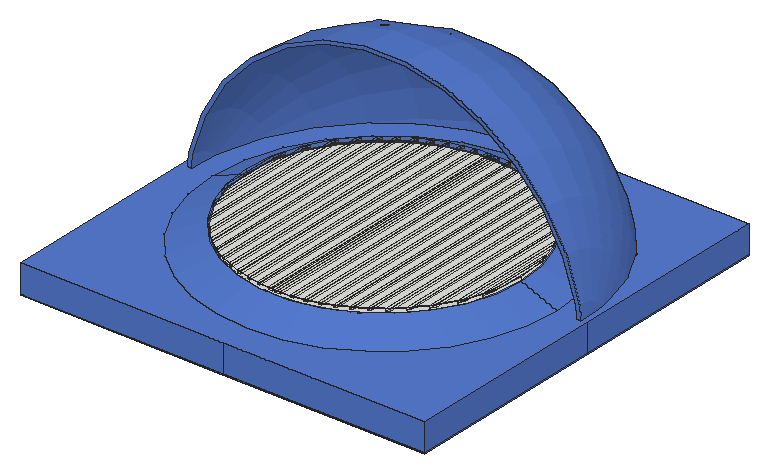
Revit family "ASL7S", category Lighting Fixtures, host Face, Revit 2014
Parameters (values of type "Flush")
  second end = Length + 0.01"  # 0.01"
  Wattage = 9.2903 W
  Warranty = "5-Years Warranty"  # constant formula
  built-in parameter 1150110 = 1 (stored number, unit not read)
  Voltage = 120 V
  Type Comments = "Lighting Fixture"  # constant formula
  built-in parameter 1114217 = 1 (stored number, unit not read)
  Tilt Angle = -180.00°
  built-in parameter 1150109 = 1 (stored number, unit not read)
  built-in parameter 1150134 = 3
  built-in parameter 1150113 = 1 (stored number, unit not read)
  Product Page URL = "https://www.hubbell.com/hubbelllightingci/en/Products/Lighting-Controls/Commercial-Outdoor-Lighting/Step-Lights/Steplights---7-Small/p/220830"
  Product Documentation Link = "https://hubbellcdn.com/specsheet/aal_asl7s_spec.pdf"
  Power Factor = 1
  Photometric Web File = "ASL7-RD-EYE-LV50.IES"
  Photometric Notes = "More IES files download on Photometric Link"  # constant formula
  Photometric Link = "https://www.hubbell.com/hubbelllightingci/en/Products/Lighting-Controls/Commercial-Outdoor-Lighting/Step-Lights/Steplights---7-Small/p/220830#prod-resources-section"
  Wattage Comments = "12W"
  URL = "https://www.hubbell.com/architecturalarealighting/en/"
  Mounting = "Wall"  # constant formula
  Model = "Steplights 7 Small"  # constant formula
  Manufacturer = "Architectural Arealighting"  # constant formula
  built-in parameter 1150105 = 109.82 (stored number, unit not read)
  Lumens = 1380 lm
  built-in parameter 1150115 = 1 (stored number, unit not read)
  Load Classification = Lighting
  built-in parameter 1150137 = (empty or 0)
  built-in parameter 1150139 = (empty or 0)
  Length = 0.00"
  built-in parameter 1150112 = 1 (stored number, unit not read)
  built-in parameter 1150114 = 1 (stored number, unit not read)
  Lamp = "LED"  # constant formula
  built-in parameter 1150132 = (empty or 0)
  built-in parameter 1150102 = (empty or 0)
  built-in parameter 1150107 = 3200 (stored number, unit not read)
  built-in parameter 1150138 = (empty or 0)
  built-in parameter 1150106 = 1.0982 (stored number, unit not read)
  Glass = Glass - Hubbell - White
  Fascia Design [instance] = Fascia : Frosted Lens
  Emit from Circle Diameter = 8.00"
  Emit Shape Visible in Rendering = no
  built-in parameter 1150104 = 13.8 (stored number, unit not read)
  Dimming Lamp Color Temperature Shift = <None>
  Description = "he Steplights collection brings you a full palette of designs with exceptional lighting performance. Choose from 2 shapes, 2 materials, 2 sizes, 3 fascia designs, and 3 mounting options to best suit your applications. AAL's small Steplights are now available with a 5-watt energy-efficient and long life LED system"  # constant formula
  Default Elevation = 48.00"
  Create Date = "10/30/2018"  # constant formula
  Copyright = "Copyright © 2018 Architectural Arealighting"  # constant formula
  Contact Us = "https://www.hubbell.com/hubbelllightingci/en/contactUs?productId=220846"
  Housing Material = Metal - Hubbell - Aluminum, Anodized Blue
  Color Filter = 16777215
  built-in parameter 1114218 = 1 (stored number, unit not read)
  built-in parameter 1150133 = 10 (stored number, unit not read)
  Assembly Code = "D5020200"
  Apparent Load = 0 VA
Reference planes (in)
  plane 1 "Center (Front/Back)": y = 13.01342
  plane 2: z = 0
  plane 3 "Center (Left/Right)": x = 0
  plane 4: z = 4
  plane 5: z = 2.68
Forms (in)
  Extrusion 1, solid, material "Metal - Hubbell - Aluminum, Anodized Blue" <- "Housing Material"
    sketch origin (0, -0.125, 0) x (1, 0, 0) y (0, 1, 0)
      loop
        line (-4.25, 17.38842) -> (-4.25, 8.88842) -> (4.25, 8.88842) -> (4.25, 17.38842) -> (-4.25, 17.38842)
    from 0 to 0.01 <- "second end"
Lines and regions (in)
  reference lines
    curve 1: line (-11.5, 13.01342, 0) -> (14.25, 13.01342, 0)
Dimensions and locks (in)
  "Length": curve 1 to plane 2
  plane 4 to plane 5 to plane 2 = 1.32", 2.68"
  plane 5 to plane 2 = 2.68"
  aligned and locked: plane 2 to host face
  aligned and locked: level to host face
  aligned and locked: plane 3 "Center (Left/Right)" to nested 1
  aligned and locked: curve 1 to nested 1
Automatic sketch dimensions
  host sketch curve to host sketch curve = 96.00"  (x2)
  Extrusion 1 sketch curve to plane 3 "Center (Left/Right)" = 4.25"
  plane 3 "Center (Left/Right)" to Extrusion 1 sketch curve = 4.25"
  plane 1 "Center (Front/Back)" to Extrusion 1 sketch curve = 4.25"
  Extrusion 1 sketch curve to plane 1 "Center (Front/Back)" = 4.25"
  curve 1 to plane 3 "Center (Left/Right)" = 11.50"
  plane 3 "Center (Left/Right)" to curve 1 = 14.25"
Nested families (in)
  nested 1: "Fascia" at (0, 13.01342, 0), type "RD Eye Eyelid"
Definition of nested family "Fascia"
  Parameters (values of type "Linear Spread lens")
    second end = 1.31"
    RD-Eye Eyelid = no
    Linear Spread = yes
    Glass = Glass - Hubbell - White
    First end = 0.85"
    Face Material = Metal-Hubbell-Aluminum Anodized Blue
    Cross = no
  Types (5): name | RD-Eye Eyelid | Linear Spread | Glass | Cross
    Frosted Lens | no | no | Steel, Non-Alloy | no
    Linear Spread lens | no | yes | Glass - Hubbell - White | no
    Cross Frosted Lens | no | no | Glass - Hubbell - White | yes
    Cross Linear Spread lens | no | yes | Glass - Hubbell - White | yes
    RD Eye Eyelid | yes | yes | Glass - Hubbell - White | no
  Reference planes (in)
    plane 1 "Center (Front/Back)": y = 0
    plane 2: z = 0
    plane 3 "Center (Left/Right)": x = 0
  Forms (in)
    Extrusion 1, solid, material "Metal-Hubbell-Aluminum Anodized Blue" <- "Face Material"
      sketch origin (0, 0, 0) x (1, 0, 0) y (0, 1, 0)
        loop
          line (0, 4.25) -> (-4.25, 4.25) -> (-4.25, 0) -> (-4.25, -4.25) -> (0, -4.25) -> (4.25, -4.25) -> (4.25, 0) -> (4.25, 4.25) -> (0, 4.25)
      from 0 to 0.6
    Blend 2, solid, material "Metal-Hubbell-Aluminum Anodized Blue" <- "Face Material"
      base sketch origin (0, 0, 0.85) x (1, 0, 0) y (0, 1, 0)
        loop
          circle (0, 0) r 3.625
      top sketch origin (0, 0, 0.85) x (1, 0, 0) y (0, 1, 0)
        loop
          circle (0, 0) r 2.875
      from -0.25 to 0.05
    Extrusion 3, solid, material "Metal-Hubbell-Aluminum Anodized Blue" <- "Face Material", visible <- "Cross"
      sketch origin (0, 0, 0) x (1, 0, 0) y (0, 1, 0)
        loop
          arc (-0.22051, -2.86653) -> (-0.00418, -2.875) -> (0.21218, -2.86716) r 2.875
          line (0.21218, -2.86716) -> (0.21218, -0.21637) -> (2.86704, -0.21378)
          arc (2.86704, -0.21378) -> (2.87301, -0.10697) -> (2.875, 0) r 2.875
          arc (2.875, 0) -> (2.87291, 0.10953) -> (2.86665, 0.2189) r 2.875
          line (2.86665, 0.2189) -> (0.21218, 0.21632) -> (0.21218, 2.86716)
          arc (0.21218, 2.86716) -> (-0.00418, 2.875) -> (-0.22051, 2.86653) r 2.875
          line (-0.22051, 2.86653) -> (-0.22051, 0.2159) -> (-2.86707, 0.21332)
          arc (-2.86707, 0.21332) -> (-2.87302, 0.10674) -> (-2.875, 0) r 2.875
          arc (-2.875, 0) -> (-2.8729, -0.10976) -> (-2.86662, -0.21936) r 2.875
          line (-2.86662, -0.21936) -> (-0.22051, -0.21679) -> (-0.22051, -2.86653)
      from 0.99116 to 1.05036
    Revolve 4, solid, material "Metal-Hubbell-Aluminum Anodized Blue" <- "Face Material", visible <- "RD-Eye Eyelid"
      sketch origin (0, 0, 0) x (1, 0, 0) y (0, 1, 0)
        loop
          line (-4.19033, 0) -> (-4.11052, 0)
          arc (-4.11052, 0) -> (0, 4.11052) -> (4.11052, 0) r 4.11052
          line (4.11052, 0) -> (4.19033, 0)
          arc (4.19033, 0) -> (0, 4.19033) -> (-4.19033, 0) r 4.19033
        axis (4.19033, 0) -> (-4.19033, 0)
      angle from -90 to 0
    Extrusion 5, solid, material "Glass - Hubbell - White" <- "Glass", visible <- "Linear Spread"
      sketch origin (0, 0, 0) x (1, 0, 0) y (0, 1, 0)
        loop
          circle (0, 0) r 2.9
      from 0.9 to 0.99116
    Extrusion 6, void
      sketch origin (0, 0, 0) x (1, 0, 0) y (0, 1, 0)
        loop
          arc (0.32072, -2.85705) -> (0.35124, -2.85346) -> (0.38172, -2.84955) r 2.875
          line (0.38172, -2.84955) -> (0.38172, 2.84955)
          arc (0.38172, 2.84955) -> (0.35124, 2.85346) -> (0.32072, 2.85705) r 2.875
          line (0.32072, 2.85705) -> (0.32072, -2.85705)
        loop
          arc (0.57072, -2.81778) -> (0.60126, -2.81143) -> (0.63172, -2.80474) r 2.875
          line (0.63172, -2.80474) -> (0.63172, 2.80474)
          arc (0.63172, 2.80474) -> (0.60126, 2.81143) -> (0.57072, 2.81778) r 2.875
          line (0.57072, 2.81778) -> (0.57072, -2.81778)
        loop
          arc (0.82072, -2.75537) -> (0.85128, -2.74608) -> (0.88172, -2.73646) r 2.875
          line (0.88172, -2.73646) -> (0.88172, 2.73646)
          arc (0.88172, 2.73646) -> (0.85128, 2.74608) -> (0.82072, 2.75537) r 2.875
          line (0.82072, 2.75537) -> (0.82072, -2.75537)
        loop
          arc (1.07072, -2.66818) -> (1.1013, -2.65571) -> (1.13172, -2.64288) r 2.875
          line (1.13172, -2.64288) -> (1.13172, 2.64288)
          arc (1.13172, 2.64288) -> (1.1013, 2.65571) -> (1.07072, 2.66818) r 2.875
          line (1.07072, 2.66818) -> (1.07072, -2.66818)
        loop
          arc (1.32072, -2.55369) -> (1.35132, -2.53763) -> (1.38172, -2.5212) r 2.875
          line (1.38172, -2.5212) -> (1.38172, 2.5212)
          arc (1.38172, 2.5212) -> (1.35132, 2.53763) -> (1.32072, 2.55369) r 2.875
          line (1.32072, 2.55369) -> (1.32072, -2.55369)
        loop
          arc (1.57072, -2.408) -> (1.60135, -2.38774) -> (1.63172, -2.36709) r 2.875
          line (1.63172, -2.36709) -> (1.63172, 2.36709)
          arc (1.63172, 2.36709) -> (1.60135, 2.38774) -> (1.57072, 2.408) r 2.875
          line (1.57072, 2.408) -> (1.57072, -2.408)
        loop
          arc (1.82072, -2.22499) -> (1.8514, -2.19953) -> (1.88172, -2.17365) r 2.875
          line (1.88172, -2.17365) -> (1.88172, 2.17365)
          arc (1.88172, 2.17365) -> (1.8514, 2.19953) -> (1.82072, 2.22499) r 2.875
          line (1.82072, 2.22499) -> (1.82072, -2.22499)
        loop
          arc (2.07072, -1.99442) -> (2.10148, -1.96199) -> (2.13172, -1.92909) r 2.875
          line (2.13172, -1.92909) -> (2.13172, 1.92909)
          arc (2.13172, 1.92909) -> (2.10148, 1.96199) -> (2.07072, 1.99442) r 2.875
          line (2.07072, 1.99442) -> (2.07072, -1.99442)
        loop
          arc (2.32072, -1.69702) -> (2.35162, -1.65393) -> (2.38172, -1.61029) r 2.875
          line (2.38172, -1.61029) -> (2.38172, 1.61029)
          arc (2.38172, 1.61029) -> (2.35162, 1.65393) -> (2.32072, 1.69702) r 2.875
          line (2.32072, 1.69702) -> (2.32072, -1.69702)
        loop
          arc (2.57072, -1.28725) -> (2.60203, -1.22272) -> (2.63172, -1.15744) r 2.875
          line (2.63172, -1.15744) -> (2.63172, 1.15744)
          arc (2.63172, 1.15744) -> (2.60203, 1.22272) -> (2.57072, 1.28725) r 2.875
          line (2.57072, 1.28725) -> (2.57072, -1.28725)
        loop
          arc (2.74957, -0.83995) -> (2.78254, -0.72325) -> (2.81057, -0.60527) r 2.875
          line (2.81057, -0.60527) -> (2.81057, 0.60527)
          arc (2.81057, 0.60527) -> (2.78254, 0.72325) -> (2.74957, 0.83995) r 2.875
          line (2.74957, 0.83995) -> (2.74957, -0.83995)
        loop
          line (-0.04309, -2.87476) -> (-0.04309, 2.87468)
          arc (-0.04309, 2.87468) -> (-0.08742, 2.87367) -> (-0.13172, 2.87198) r 2.875
          line (-0.13172, 2.87198) -> (-0.13172, -2.87276)
          arc (-0.13172, -2.87276) -> (-0.08741, -2.87401) -> (-0.04309, -2.87476) r 3.875
        loop
          line (-0.32072, -2.85705) -> (-0.32072, 2.85705)
          arc (-0.32072, 2.85705) -> (-0.35124, 2.85346) -> (-0.38172, 2.84955) r 2.875
          line (-0.38172, 2.84955) -> (-0.38172, -2.84955)
          arc (-0.38172, -2.84955) -> (-0.35124, -2.85346) -> (-0.32072, -2.85705) r 2.875
        loop
          line (-0.57072, -2.81778) -> (-0.57072, 2.81778)
          arc (-0.57072, 2.81778) -> (-0.60126, 2.81143) -> (-0.63172, 2.80474) r 2.875
          line (-0.63172, 2.80474) -> (-0.63172, -2.80474)
          arc (-0.63172, -2.80474) -> (-0.60126, -2.81143) -> (-0.57072, -2.81778) r 2.875
        loop
          line (-0.82072, -2.75537) -> (-0.82072, 2.75537)
          arc (-0.82072, 2.75537) -> (-0.85128, 2.74608) -> (-0.88172, 2.73646) r 2.875
          line (-0.88172, 2.73646) -> (-0.88172, -2.73646)
          arc (-0.88172, -2.73646) -> (-0.85128, -2.74608) -> (-0.82072, -2.75537) r 2.875
        loop
          line (-1.07072, -2.66818) -> (-1.07072, 2.66818)
          arc (-1.07072, 2.66818) -> (-1.1013, 2.65571) -> (-1.13172, 2.64288) r 2.875
          line (-1.13172, 2.64288) -> (-1.13172, -2.64288)
          arc (-1.13172, -2.64288) -> (-1.1013, -2.65571) -> (-1.07072, -2.66818) r 2.875
        loop
          line (-1.32072, -2.55369) -> (-1.32072, 2.55369)
          arc (-1.32072, 2.55369) -> (-1.35132, 2.53763) -> (-1.38172, 2.5212) r 2.875
          line (-1.38172, 2.5212) -> (-1.38172, -2.5212)
          arc (-1.38172, -2.5212) -> (-1.35132, -2.53763) -> (-1.32072, -2.55369) r 2.875
        loop
          line (-1.57072, -2.408) -> (-1.57072, 2.408)
          arc (-1.57072, 2.408) -> (-1.60135, 2.38774) -> (-1.63172, 2.36709) r 2.875
          line (-1.63172, 2.36709) -> (-1.63172, -2.36709)
          arc (-1.63172, -2.36709) -> (-1.60135, -2.38774) -> (-1.57072, -2.408) r 2.875
        loop
          line (-1.82072, -2.22499) -> (-1.82072, 2.22499)
          arc (-1.82072, 2.22499) -> (-1.8514, 2.19953) -> (-1.88172, 2.17365) r 2.875
          line (-1.88172, 2.17365) -> (-1.88172, -2.17365)
          arc (-1.88172, -2.17365) -> (-1.8514, -2.19953) -> (-1.82072, -2.22499) r 2.875
        loop
          line (-2.07072, -1.99442) -> (-2.07072, 1.99442)
          arc (-2.07072, 1.99442) -> (-2.10148, 1.96199) -> (-2.13172, 1.92909) r 2.875
          line (-2.13172, 1.92909) -> (-2.13172, -1.92909)
          arc (-2.13172, -1.92909) -> (-2.10148, -1.96199) -> (-2.07072, -1.99442) r 2.875
        loop
          line (-2.32072, -1.69702) -> (-2.32072, 1.69702)
          arc (-2.32072, 1.69702) -> (-2.35162, 1.65393) -> (-2.38172, 1.61029) r 2.875
          line (-2.38172, 1.61029) -> (-2.38172, -1.61029)
          arc (-2.38172, -1.61029) -> (-2.35162, -1.65393) -> (-2.32072, -1.69702) r 2.875
        loop
          line (-2.57072, -1.28725) -> (-2.57072, 1.28725)
          arc (-2.57072, 1.28725) -> (-2.60203, 1.22272) -> (-2.63172, 1.15744) r 2.875
          line (-2.63172, 1.15744) -> (-2.63172, -1.15744)
          arc (-2.63172, -1.15744) -> (-2.60203, -1.22272) -> (-2.57072, -1.28725) r 2.875
        loop
          line (-2.74957, -0.83995) -> (-2.74957, 0.83995)
          arc (-2.74957, 0.83995) -> (-2.78254, 0.72325) -> (-2.81057, 0.60527) r 2.875
          line (-2.81057, 0.60527) -> (-2.81057, -0.60527)
          arc (-2.81057, -0.60527) -> (-2.78254, -0.72325) -> (-2.74957, -0.83995) r 2.875
        loop
          line (0.13172, -2.87276) -> (0.13172, 2.87468)
          arc (0.13172, 2.87468) -> (0.06583, 2.87293) -> (0, 2.86968) r 2.875
          line (0, 2.86968) -> (0, -2.87276) -> (0.13172, -2.87276)
      from 0.93584 to 0.99116
  Cuts and joins
    Extrusion 6 cuts Extrusion 1
    Extrusion 6 cuts Extrusion 5
  Dimensions and locks (in)
    cut or joined group of Extrusion 5, Extrusion 6 to cut or joined group of Extrusion 1, Extrusion 6 to cut or joined group of Extrusion 1, Extrusion 6 = 0.30", 0.60"
    Blend 2 to cut or joined group of Extrusion 1, Extrusion 6 = 0.90"
    aligned and locked: plane 2 to level
    aligned and locked: Blend 2 to cut or joined group of Extrusion 1, Extrusion 6
    aligned and locked: cut or joined group of Extrusion 5, Extrusion 6 to Extrusion 6
